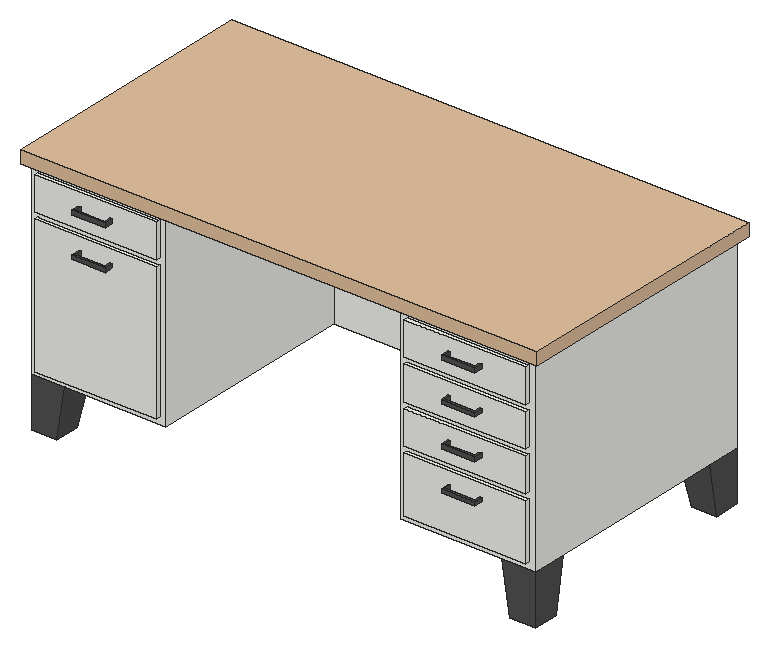
Revit family "desk_2017", category Furniture, Revit 2017
Family settings
  OmniClass Number = 23.40.20.24.31
  OmniClass Title = Desk
  Work Plane-Based = No
  Always vertical = Yes
  Cut with Voids When Loaded = No
  Shared = Yes
  Room Calculation Point = No
Parameters (values of type "60" x 30"")
  Assembly Code = "E2020200"
  Depth = 2' - 6"
  Body Material = Laminate, Ivory, Matte
  Handle/Leg Material = Steel, Chrome Plated
  Top Material = Cherry
  Height = 2' - 6"
  Leg Height = 0' - 6"
  Width = 5' - 0"
Types (3): name | Depth | Width
  60" x 30" | 2' - 6" | 5' - 0"
  72" x 36" | 3' - 0" | 6' - 0"
  60" x 30" Student | 2' - 6" | 5' - 0"
Reference planes (in)
  plane 1: z = 0
  plane 2: z = 28.5
  plane 3: z = 6
  plane 4: z = 30
  plane 5 "Center (Left/Right)": x = 30
  plane 6 "Center (Front/Back)": y = 15
  plane 7 "Drawer Edge": y = -0.5
  plane 8: x = 8
  plane 9: x = 52
  plane 10: z = 12
  plane 11: z = 16.75
  plane 12: z = 21.5
  plane 13: z = 26.25
  plane 14: z = 21.5
  plane 15: z = 26.25
  plane 16 "Top": y = 30
  plane 17 "Right": x = 60
  plane 18 "Left": x = 0
  plane 19 "Bottom": y = 0
Forms (in)
  Extrusion 1, solid, material "Laminate, Ivory, Matte" <- "Body Material"
    sketch origin (60, 30, 0) x (-1, 0, 0) y (0, -1, 0)
      loop
        line (0, 30) -> (0, 0) -> (60, 0) -> (60, 30) -> (44, 30) -> (44, 5) -> (16, 5) -> (16, 30) -> (0, 30)
    from 6 to 28.5
  Extrusion 2, solid, material "Cherry" <- "Top Material"
    sketch origin (60, 30, 0) x (-1, 0, 0) y (0, -1, 0)
      loop
        line (-0.75, 30.75) -> (-0.75, -0.75) -> (60.75, -0.75) -> (60.75, 30.75) -> (-0.75, 30.75)
    from 28.5 to 30
  Blend 3, solid, material "Steel, Chrome Plated" <- "Handle/Leg Material"
    base sketch origin (60, 30, 0) x (-1, 0, 0) y (0, -1, 0)
      loop
        line (0, 30) -> (0, 27) -> (3, 27) -> (3, 30) -> (0, 30)
    top sketch origin (60, 30, 0) x (-1, 0, 0) y (0, -1, 0)
      loop
        line (0, 30) -> (0, 26) -> (4, 26) -> (4, 30) -> (0, 30)
    from 0 to 6
  Blend 4, solid, material "Steel, Chrome Plated" <- "Handle/Leg Material"
    base sketch origin (60, 33, 0) x (-1, 0, 0) y (0, -1, 0)
      loop
        line (0, 3) -> (3, 3) -> (3, 6) -> (0, 6) -> (0, 3)
    top sketch origin (60, 33, 0) x (-1, 0, 0) y (0, -1, 0)
      loop
        line (0, 3) -> (4, 3) -> (4, 7) -> (0, 7) -> (0, 3)
    from 0 to 6
  Blend 5, solid, material "Steel, Chrome Plated" <- "Handle/Leg Material"
    base sketch origin (60, 33, 0) x (-1, 0, 0) y (0, -1, 0)
      loop
        line (60, 3) -> (60, 6) -> (57, 6) -> (57, 3) -> (60, 3)
    top sketch origin (60, 33, 0) x (-1, 0, 0) y (0, -1, 0)
      loop
        line (60, 3) -> (60, 7) -> (56, 7) -> (56, 3) -> (60, 3)
    from 0 to 6
  Blend 6, solid, material "Steel, Chrome Plated" <- "Handle/Leg Material"
    base sketch origin (60, 30, 0) x (-1, 0, 0) y (0, -1, 0)
      loop
        line (60, 30) -> (57, 30) -> (57, 27) -> (60, 27) -> (60, 30)
    top sketch origin (60, 30, 0) x (-1, 0, 0) y (0, -1, 0)
      loop
        line (60, 30) -> (56, 30) -> (56, 26) -> (60, 26) -> (60, 30)
    from 0 to 6
  Extrusion 7, solid, material "Laminate, Ivory, Matte" <- "Body Material"
    sketch origin (0, 0, 0) x (-1, 0, 0) y (0, 0, 1)
      loop
        line (-59.25, 27.75) -> (-59.25, 23.75) -> (-44.75, 23.75) -> (-44.75, 27.75) -> (-59.25, 27.75)
      loop
        line (-59.25, 6.75) -> (-44.75, 6.75) -> (-44.75, 13.5) -> (-59.25, 13.5) -> (-59.25, 6.75)
      loop
        line (-44.75, 23) -> (-59.25, 23) -> (-59.25, 19) -> (-44.75, 19) -> (-44.75, 23)
      loop
        line (-44.75, 18.25) -> (-59.25, 18.25) -> (-59.25, 14.25) -> (-44.75, 14.25) -> (-44.75, 18.25)
    from -0.5 to 0
  Extrusion 8, solid, material "Laminate, Ivory, Matte" <- "Body Material"
    sketch origin (-12, -6, 0) x (1, 0, 0) y (0, 0, -1)
      loop
        line (12.75, -27.75) -> (27.25, -27.75) -> (27.25, -23.75) -> (12.75, -23.75) -> (12.75, -27.75)
      loop
        line (12.75, -6.75) -> (12.75, -23) -> (27.25, -23) -> (27.25, -6.75) -> (12.75, -6.75)
    from 5.5 to 6
  Sweep 9, solid, material "Steel, Chrome Plated" <- "Handle/Leg Material"
    path origin (60, 30, 0) x (-1, 0, 0) y (0, -1, 0)
      loop
        line (6, 30.5) -> (6, 31.5) -> (10, 31.5) -> (10, 30.5)
    profile origin (0, -1, 0) x (1, 0, 0) y (0, 0, 1)
      loop
        line (54, 12) -> (53.75, 12) -> (53.75, 11.5) -> (54, 11.5) -> (54, 12)
      loop
        line (54, 16.75) -> (53.75, 16.75) -> (53.75, 16.25) -> (54, 16.25) -> (54, 16.75)
      loop
        line (54, 21.5) -> (53.75, 21.5) -> (53.75, 21) -> (54, 21) -> (54, 21.5)
      loop
        line (54, 26.25) -> (53.75, 26.25) -> (53.75, 25.75) -> (54, 25.75) -> (54, 26.25)
  Sweep 10, solid, material "Steel, Chrome Plated" <- "Handle/Leg Material"
    path origin (60, 30, 0) x (-1, 0, 0) y (0, -1, 0)
      loop
        line (54, 30.5) -> (54, 31.5) -> (50, 31.5) -> (50, 30.5)
    profile origin (0, -1, 0) x (1, 0, 0) y (0, 0, 1)
      loop
        line (6, 21.5) -> (6, 21) -> (6.25, 21) -> (6.25, 21.5) -> (6, 21.5)
      loop
        line (6, 26.25) -> (6, 25.75) -> (6.25, 25.75) -> (6.25, 26.25) -> (6, 26.25)
Lines and regions (in)
  Masking region 1
    outline origin (60, 30, 0) x (-1, 0, 0) y (0, -1, 0)
      loop
        line (0, 30) -> (0, 0) -> (60, 0) -> (60, 30) -> (0, 30)
Dimensions and locks (in)
  "Height": plane 1 to plane 4
  plane 3 to plane 1 = 0' - 6"
  plane 2 to plane 4 = 0' - 1 1/2"
  locked: plane 2 to plane 4 at 1.5
  "Leg Height": plane 3 to plane 1
  Extrusion 1 to Extrusion 7 sketch curve = 0' - 0 3/4"
  plane 3 to Extrusion 7 sketch curve = 0' - 0 3/4"
  Extrusion 7 sketch curve to plane 2 = 0' - 0 3/4"
  plane 13 to Extrusion 7 = 0' - 1 1/2"
  plane 12 to Extrusion 7 = 0' - 1 1/2"
  plane 11 to Extrusion 7 = 0' - 1 1/2"
  plane 10 to Extrusion 7 = 0' - 1 1/2"
  plane 15 to Extrusion 8 = 0' - 1 1/2"
  plane 14 to Extrusion 8 = 0' - 1 1/2"
  locked: plane 9 to plane 17 "Right" at 8
  locked: plane 19 "Bottom" to plane 7 "Drawer Edge" at 0.5
  equal spacing: plane 18 "Left", plane 5 "Center (Left/Right)", plane 17 "Right"
  "Width": plane 18 "Left" to plane 17 "Right"
  equal spacing: plane 16 "Top", plane 6 "Center (Front/Back)", plane 19 "Bottom"
  "Depth": plane 16 "Top" to plane 19 "Bottom"
  locked: Extrusion 2 sketch curve to plane 18 "Left" at 0.75
  locked: Extrusion 2 sketch curve to plane 16 "Top" at 0.75
  locked: plane 17 "Right" to Extrusion 2 sketch curve at 0.75
  locked: plane 19 "Bottom" to Extrusion 2 sketch curve at 0.75
  locked: plane 18 "Left" to plane 8 at 8
  locked: plane 18 "Left" to Blend 5 sketch curve at 3
  locked: plane 16 "Top" to Blend 5 sketch curve at 3
  locked: plane 16 "Top" to Blend 4 sketch curve at 3
  locked: Blend 4 sketch curve to plane 17 "Right" at 3
  locked: plane 16 "Top" to Blend 5 sketch curve at 4
  locked: plane 18 "Left" to Blend 5 sketch curve at 4
  locked: Blend 4 sketch curve to plane 17 "Right" at 4
  locked: plane 16 "Top" to Blend 4 sketch curve at 4
  aligned and locked: Extrusion 1 to plane 2
  aligned and locked: plane 2 to Extrusion 2
  aligned and locked: Extrusion 2 to plane 4
  aligned and locked: plane 3 to Extrusion 1
  aligned and locked: Blend 4 to plane 3
  aligned and locked: Blend 5 to plane 3
  aligned and locked: Blend 3 to plane 3
  aligned and locked: Blend 6 to plane 3
  aligned and locked: Extrusion 7 to plane 7 "Drawer Edge"
  aligned and locked: Extrusion 8 to plane 7 "Drawer Edge"
  aligned and locked: Extrusion 1 sketch curve to plane 16 "Top"
  aligned and locked: plane 18 "Left" to Extrusion 1 sketch curve
  aligned and locked: Masking region 1 sketch curve to plane 16 "Top"
  aligned and locked: plane 18 "Left" to Masking region 1 sketch curve
  aligned and locked: plane 19 "Bottom" to Extrusion 8
  aligned and locked: Extrusion 1 to plane 19 "Bottom"
  aligned and locked: plane 19 "Bottom" to Extrusion 1 sketch curve
  aligned and locked: plane 19 "Bottom" to Extrusion 7
  aligned and locked: Blend 5 sketch curve to plane 18 "Left"
  aligned and locked: Blend 5 sketch curve to plane 16 "Top"
  aligned and locked: Blend 4 sketch curve to plane 17 "Right"
  aligned and locked: plane 16 "Top" to Blend 4 sketch curve
Automatic sketch dimensions
  Blend 3 sketch curve to Blend 3 sketch curve = 0' - 3"
  Blend 3 sketch curve to Blend 3 sketch curve = 0' - 4"
  Blend 4 sketch curve to Blend 4 sketch curve = 0' - 4"  (x2)
  Blend 6 sketch curve to Blend 6 sketch curve = 0' - 3"  (x2)
  Blend 6 sketch curve to Blend 6 sketch curve = 0' - 4"  (x2)
  plane 9 to Extrusion 7 sketch curve = 0' - 7 1/4"
  Extrusion 7 sketch curve to Extrusion 7 sketch curve = 0' - 0"  (x5)
  Extrusion 7 sketch curve to Extrusion 7 sketch curve = 0' - 6 3/4"
  Extrusion 7 sketch curve to Extrusion 7 sketch curve = 0' - 0 3/4"  (x3)
  Extrusion 7 sketch curve to Extrusion 7 sketch curve = 0' - 4"  (x2)
  plane 2 to Extrusion 8 sketch curve = 0' - 0 3/4"
  plane 8 to Extrusion 8 sketch curve = 0' - 7 1/4"
  Extrusion 8 sketch curve to Extrusion 8 sketch curve = 0' - 0"
  Extrusion 8 sketch curve to Extrusion 8 sketch curve = 0' - 4"
  Extrusion 8 sketch curve to Extrusion 8 sketch curve = 0' - 0 3/4"
  Extrusion 8 sketch curve to plane 3 = 0' - 0 3/4"
  Sweep 9 sketch curve to plane 7 "Drawer Edge" = 0' - 0"  (x2)
  plane 7 "Drawer Edge" to Sweep 9 sketch curve = 0' - 1"
  Sweep 9 sketch curve to plane 9 = 0' - 2"
  plane 9 to Sweep 9 sketch curve = 0' - 2"
  Sweep 9 sketch curve to plane 10 = 0' - 0"
  Sweep 9 sketch curve to plane 13 = 0' - 0"
  Sweep 9 sketch curve to plane 12 = 0' - 0"
  Sweep 9 sketch curve to plane 11 = 0' - 0"
  Sweep 9 sketch curve to profile plane = 0' - 0"  (x4)
  Sweep 9 sketch curve to Sweep 9 sketch curve = 0' - 0 1/4"  (x4)
  plane 10 to Sweep 9 sketch curve = 0' - 0 1/2"
  plane 11 to Sweep 9 sketch curve = 0' - 0 1/2"
  plane 12 to Sweep 9 sketch curve = 0' - 0 1/2"
  plane 13 to Sweep 9 sketch curve = 0' - 0 1/2"
  Sweep 10 sketch curve to plane 7 "Drawer Edge" = 0' - 0"  (x2)
  plane 7 "Drawer Edge" to Sweep 10 sketch curve = 0' - 1"
  plane 8 to Sweep 10 sketch curve = 0' - 2"
  Sweep 10 sketch curve to plane 8 = 0' - 2"
  Sweep 10 sketch curve to profile plane = 0' - 0"  (x2)
  Sweep 10 sketch curve to plane 15 = 0' - 0"
  Sweep 10 sketch curve to plane 14 = 0' - 0"
  Sweep 10 sketch curve to Sweep 10 sketch curve = 0' - 0 1/4"  (x2)
  plane 14 to Sweep 10 sketch curve = 0' - 0 1/2"
  plane 15 to Sweep 10 sketch curve = 0' - 0 1/2"
  Blend 3 sketch curve to plane 9 = 0' - 8"  (x2)
  Extrusion 7 sketch curve to plane 9 = 0' - 7 1/4"
  Blend 5 sketch curve to Blend 5 sketch curve = 0' - 4"  (x2)
  Blend 6 sketch curve to plane 8 = 0' - 5"
  Blend 6 sketch curve to plane 8 = 0' - 4"
  Extrusion 8 sketch curve to plane 8 = 0' - 7 1/4"  (x2)
  Blend 3 sketch curve to plane 7 "Drawer Edge" = 0' - 3 1/2"
  Blend 3 sketch curve to plane 7 "Drawer Edge" = 0' - 0 1/2"  (x2)
  Blend 3 sketch curve to plane 7 "Drawer Edge" = 0' - 4 1/2"
  Blend 6 sketch curve to plane 7 "Drawer Edge" = 0' - 3 1/2"
  Blend 6 sketch curve to plane 7 "Drawer Edge" = 0' - 4 1/2"
  Masking region 1 sketch curve to plane 17 "Right" = 0' - 0"
  Masking region 1 sketch curve to plane 19 "Bottom" = 0' - 0"
  Extrusion 1 sketch curve to plane 17 "Right" = 0' - 0"
  Extrusion 1 sketch curve to plane 19 "Bottom" = 0' - 0"
  plane 9 to Extrusion 1 sketch curve = 0' - 8"
  plane 8 to Extrusion 1 sketch curve = 0' - 8"
  Extrusion 1 sketch curve to plane 16 "Top" = 0' - 5"
